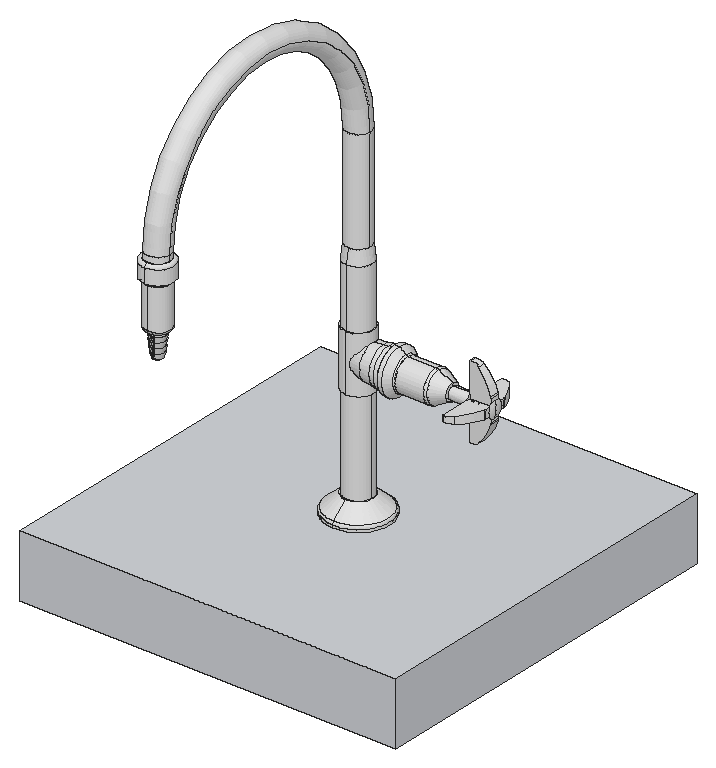
Revit family
Parameters (values of type "TL16DFJ16C")
  WELSRating_ANZRS = "5 star"
  URL = "www.galvinengineering.com.au"
  Type Comments = "TL16"
  TubeNozzleVisibility = yes
  StyleOrType_ANZRS = "Plumbing Fixture"
  Seating = "Jumper Valve"
  PlumbingMaterial_ANZRS = Metal_Taps_DR-Brass-with-Chrome-Finish_10800
  Outlet = "#16 XT Tube Nozzle"
  ModifiedIssue_ANZRS = 20120305.01  # constant formula
  Model = "TL16DFJ16C"
  Manufacturer = "Galvin Engineering"
  Keynote = "15400"
  Instructions = "http://www.galvinengineering.com.au/Installation_Guides_1.aspx"
  Inlet = "15mm Male"
  FlowRate = 0.10 L/s
  FilterObject_ANZRS = "TL16"
  Description = "Lab Set 1-Way Type 16 DPW Fixed, Jumper Valve"
  Default Elevation = 900 mm
  CreatedBy_ANZRS = "Galvin Engineering"
  CreatedByURL_ANZRS = "www.galvinengineering.com.au"
  CreatedByPhoneNo_ANZRS = "61-8-92495900"
  Circulation_ANZRS = yes
  Assembly Code = "D2010"
  AeratorVisibility = not(TubeNozzleVisibility)  # no
Types (3, lengths in mm): name | TubeNozzleVisibility | Outlet | Model | AeratorVisibility
  (no name) | yes | "#16 XT Tube Nozzle" | "TL16DFJ16C" | no
  TL16DFJ8C | no | "#8 Vandal Resistant Aerator" | "TL16DFJ8C" | yes
  TL16DFJ16C | yes | "#16 XT Tube Nozzle" | "TL16DFJ16C" | no
Reference planes
  plane 1 "Center (Front/Back)": y = 0
  plane 2 "Face": z = 0
  plane 3 "Center (Left/Right)": x = 0
Forms (mm)
  Extrusion 1, solid
    sketch origin (0, -719.2, 0) x (1, 0, 0) y (0, 1, 0)
      loop
        line (-150, 869.2) -> (-150, 569.2) -> (150, 569.2) -> (150, 869.2) -> (-150, 869.2)
    from 0 to -50
  Revolve 2, solid, material "Metal_Taps_DR-Brass-with-Chrome-Finish_10800" <- "PlumbingMaterial_ANZRS"
    sketch origin (0, 0, 0) x (0, 1, 0) y (0, 0, 1)
      loop
        arc (-24.197, 4.315) -> (-24.988, 3.281) -> (-25.27, 2.01) r 3.014
        line (-25.27, 2.01) -> (-25.27, 0) -> (0, 0) -> (0, 14.368) -> (-12.258, 14.368) -> (-24.197, 4.315)
      axis (0, 0) -> (0, 14.368)
    angle from 0 to 360
  Sweep 3, solid, material "Metal_Taps_DR-Brass-with-Chrome-Finish_10800" <- "PlumbingMaterial_ANZRS"
    path origin (0, 0, 0) x (0, 1, 0) y (0, 0, 1)
      loop
        line (-200.005, 270.975) -> (-200.005, 275.475)
        arc (-200.005, 275.475) -> (-100.003, 375.478) -> (0, 275.475) r 100.003
        line (0, 275.475) -> (0, 193.3)
    profile origin (0, 0, 234.387) x (1, 0, 0) y (0, 1, 0)
      loop
        circle (0, 0) r 9.55
  Revolve 4, solid, material "Metal_Taps_DR-Brass-with-Chrome-Finish_10800" <- "PlumbingMaterial_ANZRS"
    sketch origin (0, 0, 0) x (0, 1, 0) y (0, 0, 1)
      loop
        line (0, 89.514) -> (12, 89.514) -> (12, 134.514) -> (11.113, 134.514) -> (11.113, 181.514) -> (9.664, 193.3) -> (0, 193.3) -> (0, 89.514)
      axis (0, 89.514) -> (0, 193.3)
    angle from 0 to 360
  Extrusion 5, solid, material "Metal_Taps_DR-Brass-with-Chrome-Finish_10800" <- "PlumbingMaterial_ANZRS"
    sketch origin (0, 0, 0) x (1, 0, 0) y (0, 1, 0)
      loop
        circle (0, 0) r 11.11
    from 14.368 to 89.514
  Revolve 6, solid, material "Metal_Taps_DR-Brass-with-Chrome-Finish_10800" <- "PlumbingMaterial_ANZRS"
    sketch origin (0, 0, 0) x (1, 0, 0) y (0, 0, 1)
      loop
        line (110, 112.308) -> (0.05, 112.308) -> (0.05, 100.822) -> (12.199, 98.341)
        arc (12.199, 98.341) -> (16.271, 97.721) -> (20.385, 97.514) r 40.917
        line (20.385, 97.514) -> (24.75, 97.514) -> (24.75, 96.514) -> (28.279, 96.514)
        arc (28.279, 96.514) -> (28.697, 95.368) -> (29.5, 94.448) r 3.334
        line (29.5, 94.448) -> (33, 94.448) -> (37.554, 98.911)
        arc (37.554, 98.911) -> (38.352, 99.427) -> (39.286, 99.608) r 2.5
        line (39.286, 99.608) -> (61.985, 99.608)
        arc (61.985, 99.608) -> (63.172, 99.75) -> (64.291, 100.168) r 5.024
        line (64.291, 100.168) -> (75.206, 105.808) -> (75.206, 107.578) -> (90.436, 107.578) -> (90.436, 111.404) -> (108.836, 111.404) -> (108.836, 105.708)
        arc (108.836, 105.708) -> (109.707, 108.957) -> (110, 112.308) r 19.294
      axis (0.05, 112.308) -> (110, 112.308)
    angle from 0 to 360
  Revolve 7, solid, material "Metal_Taps_DR-Brass-with-Chrome-Finish_10800" <- "PlumbingMaterial_ANZRS"
    sketch origin (0, 0, 0) x (1, 0, 0) y (0, 0, 1)
      loop
        arc (92.106, 82.669) -> (95.664, 83.311) -> (98.686, 85.295) r 9.043
        arc (98.686, 85.295) -> (104.765, 93.033) -> (108.781, 102.016) r 40.19
        arc (108.781, 102.016) -> (108.947, 102.744) -> (109.002, 103.489) r 5.024
        line (109.002, 103.489) -> (109.002, 120.989)
        arc (109.002, 120.989) -> (108.946, 121.735) -> (108.78, 122.465) r 5.024
        arc (108.78, 122.465) -> (104.69, 131.558) -> (98.488, 139.365) r 40.19
        arc (98.488, 139.365) -> (95.532, 141.295) -> (92.062, 141.947) r 9.043
        arc (92.062, 141.947) -> (90.97, 141.52) -> (90.515, 140.44) r 1.507
        line (90.515, 140.44) -> (90.515, 84.174)
        arc (90.515, 84.174) -> (90.986, 83.079) -> (92.106, 82.669) r 1.507
      axis (66.752, 141.947) -> (66.752, 82.669)
    angle from -4.66 to 4.66
  Revolve 8, solid, material "Metal_Taps_DR-Brass-with-Chrome-Finish_10800" <- "PlumbingMaterial_ANZRS"
    sketch origin (-239.828, -110.242, 112.308) x (0, -1, 0) y (1, 0, 0)
      loop
        arc (-139.881, 331.934) -> (-139.471, 330.815) -> (-138.376, 330.343) r 1.507
        line (-138.376, 330.343) -> (-82.11, 330.343)
        arc (-82.11, 330.343) -> (-81.03, 330.799) -> (-80.603, 331.89) r 1.507
        arc (-80.603, 331.89) -> (-81.255, 335.36) -> (-83.186, 338.316) r 9.043
        arc (-83.186, 338.316) -> (-90.992, 344.519) -> (-100.085, 348.609) r 40.19
        arc (-100.085, 348.609) -> (-100.815, 348.775) -> (-101.562, 348.831) r 5.024
        line (-101.562, 348.831) -> (-119.061, 348.831)
        arc (-119.061, 348.831) -> (-119.806, 348.775) -> (-120.534, 348.61) r 5.024
        arc (-120.534, 348.61) -> (-129.517, 344.593) -> (-137.255, 338.514) r 40.19
        arc (-137.255, 338.514) -> (-139.239, 335.492) -> (-139.881, 331.934) r 9.043
      axis (-80.603, 306.581) -> (-139.881, 306.581)
    angle from -4.66 to 4.66
  Revolve 9, solid, material "Metal_Taps_DR-Brass-with-Chrome-Finish_10800" <- "PlumbingMaterial_ANZRS", visible <- "TubeNozzleVisibility"
    sketch origin (0, -49.983, -5.995) x (0, 1, 0) y (0, 0, 1)
      loop
        line (-162.699, 263.002) -> (-161.81, 263.002) -> (-160.299, 261.264)
        arc (-160.299, 261.264) -> (-160.075, 260.889) -> (-159.998, 260.459) r 1.227
        line (-159.998, 260.459) -> (-159.998, 227.7)
        arc (-159.998, 227.7) -> (-159.412, 226.286) -> (-157.998, 225.7) r 2
        line (-157.998, 225.7) -> (-155.704, 225.7) -> (-155.704, 222.2) -> (-156.504, 222.2) -> (-155.208, 217.9) -> (-156.004, 217.9) -> (-154.754, 213.6) -> (-155.554, 213.6) -> (-154.223, 209.3) -> (-155.004, 209.3) -> (-153.884, 205.446)
        arc (-153.884, 205.446) -> (-153.661, 205.124) -> (-153.29, 205) r 0.618
        line (-153.29, 205) -> (-152.499, 205) -> (-152.499, 276.502) -> (-160.187, 276.502)
        arc (-160.187, 276.502) -> (-161.963, 275.766) -> (-162.699, 273.99) r 2.512
        line (-162.699, 273.99) -> (-162.699, 263.002)
      axis (-149.999, 205) -> (-149.999, 276.502)
    angle from 0 to 360
  Revolve 10, solid, material "Metal_Taps_DR-Brass-with-Chrome-Finish_10800" <- "PlumbingMaterial_ANZRS", visible <- "AeratorVisibility"
    sketch origin (0, -49.71, -5.995) x (0, 1, 0) y (0, 0, 1)
      loop
        line (-159.685, 255.402) -> (-159.685, 272.402) -> (-150.31, 272.402) -> (-150.31, 277.002) -> (-160.51, 277.002)
        arc (-160.51, 277.002) -> (-162.278, 276.269) -> (-163.01, 274.502) r 2.5
        line (-163.01, 274.502) -> (-163.01, 272.402) -> (-161.91, 272.402) -> (-161.91, 258.902)
        arc (-161.91, 258.902) -> (-161.792, 257.12) -> (-161.31, 255.402) r 8.634
        line (-161.31, 255.402) -> (-159.685, 255.402)
      axis (-150.31, 255.402) -> (-150.31, 277.002)
    angle from 0 to 360
Cuts and joins
  joined: Revolve 4, Revolve 6
Lines and regions (mm)
  symbolic lines, style "Taps/Mixers"
    curve 1: line (-9.5, 1.6, 0) -> (-9.5, -200.248, 0)
    curve 2: line (9.5, -200.248, 0) -> (9.5, 1.6, 0)
    curve 3: arc (-9.5, -200.248, 0) -> (0, -209.748, 0) -> (9.5, -200.248, 0) r 9.5
    curve 4: arc (9.5, -23.419, 0) -> (15.603, -19.881, 0) -> (20.49, -14.794, 0) r 25.272
    curve 5: arc (-9.5, 1.6, 0) -> (0, 11.1, 0) -> (9.5, 1.6, 0) r 9.5
    curve 6: arc (33.023, 0, 0) -> (34.308, 6.344, 0) -> (33.023, 12.689, 0) r 16.296
    curve 7: arc (29.506, 12.689, 0) -> (28.22, 6.344, 0) -> (29.506, 0, 0) r 16.296
    curve 8: arc (37.562, 13.496, 0) -> (38.377, 12.952, 0) -> (39.338, 12.76, 0) r 2.512
    curve 9: arc (29.506, 17.944, 0) -> (28.233, 15.316, 0) -> (29.506, 12.689, 0) r 3.35
    curve 10: arc (33.023, 12.689, 0) -> (34.295, 15.316, 0) -> (33.023, 17.944, 0) r 3.35
    curve 11: arc (64.234, 12.2, 0) -> (63.114, 12.618, 0) -> (61.928, 12.76, 0) r 5.024
    curve 12: arc (39.338, -12.76, 0) -> (38.377, -12.952, 0) -> (37.562, -13.496, 0) r 2.512
    curve 13: arc (29.506, 0, 0) -> (28.22, -6.344, 0) -> (29.506, -12.689, 0) r 16.296
    curve 14: arc (33.023, -12.689, 0) -> (34.308, -6.344, 0) -> (33.023, 0, 0) r 16.296
    curve 15: arc (33.023, -17.944, 0) -> (34.295, -15.316, 0) -> (33.023, -12.689, 0) r 3.35
    curve 16: arc (29.506, -12.689, 0) -> (28.233, -15.316, 0) -> (29.506, -17.944, 0) r 3.35
    curve 17: arc (61.928, -12.76, 0) -> (63.114, -12.618, 0) -> (64.234, -12.2, 0) r 5.024
    curve 18: arc (108.924, -6.631, 0) -> (110.093, 0, 0) -> (108.924, 6.631, 0) r 19.386
    curve 19: arc (108.703, 10.223, 0) -> (104.686, 19.206, 0) -> (98.607, 26.944, 0) r 40.19
    curve 20: arc (98.607, 26.944, 0) -> (95.453, 28.98, 0) -> (91.743, 29.559, 0) r 9.043
    curve 21: arc (91.743, 29.559, 0) -> (90.809, 29.058, 0) -> (90.436, 28.065, 0) r 1.507
    curve 22: arc (108.924, 8.75, 0) -> (108.868, 9.495, 0) -> (108.703, 10.223, 0) r 5.024
    curve 23: arc (106.629, 3.33, 0) -> (107.766, 3.849, 0) -> (108.512, 4.853, 0) r 2.512
    curve 24: arc (108.512, 4.853, 0) -> (108.82, 5.882, 0) -> (108.924, 6.952, 0) r 5.554
    curve 25: arc (98.409, -27.126, 0) -> (104.612, -19.319, 0) -> (108.702, -10.226, 0) r 40.19
    curve 26: arc (91.983, -29.708, 0) -> (95.453, -29.056, 0) -> (98.409, -27.126, 0) r 9.043
    curve 27: arc (90.436, -28.201, 0) -> (90.892, -29.281, 0) -> (91.983, -29.708, 0) r 1.507
    curve 28: arc (108.702, -10.226, 0) -> (108.868, -9.496, 0) -> (108.924, -8.75, 0) r 5.024
    curve 29: arc (108.581, -5.031, 0) -> (107.846, -3.982, 0) -> (106.69, -3.432, 0) r 2.512
    curve 30: arc (108.924, -6.952, 0) -> (108.837, -5.976, 0) -> (108.581, -5.031, 0) r 5.554
    curve 31: line (64.234, -12.2, 0) -> (75.206, -6.531, 0)
    curve 32: line (75.206, -6.531, 0) -> (75.206, 6.531, 0)
    curve 33: line (75.206, 6.531, 0) -> (64.234, 12.2, 0)
    curve 34: line (39.338, 12.76, 0) -> (61.928, 12.76, 0)
    curve 35: line (61.928, 12.76, 0) -> (61.928, -12.76, 0)
    curve 36: line (61.928, -12.76, 0) -> (39.338, -12.76, 0)
    curve 37: line (34.279, 14.983, 0) -> (34.279, -15.649, 0)
    curve 38: line (29.506, 12.689, 0) -> (33.023, 12.689, 0)
    curve 39: line (29.506, 17.944, 0) -> (33.023, 17.944, 0)
    curve 40: line (33.023, 17.944, 0) -> (37.562, 13.496, 0)
    curve 41: line (28.25, 15.649, 0) -> (28.25, -15.794, 0)
    curve 42: line (29.506, 0, 0) -> (33.023, 0, 0)
    curve 43: line (29.506, -17.944, 0) -> (33.023, -17.944, 0)
    curve 44: line (33.023, -17.944, 0) -> (37.562, -13.496, 0)
    curve 45: line (29.506, -12.689, 0) -> (33.023, -12.689, 0)
    curve 46: line (108.924, 8.75, 0) -> (108.924, -8.75, 0)
    curve 47: line (90.436, 28.065, 0) -> (90.436, -28.201, 0)
    curve 48: line (90.436, 2.01, 0) -> (106.629, 3.33, 0)
    curve 49: line (75.206, 4.752, 0) -> (90.436, 4.752, 0)
    curve 50: line (90.436, -2.01, 0) -> (106.69, -3.432, 0)
    curve 51: line (75.206, -4.752, 0) -> (90.436, -4.752, 0)
    curve 52: line (24.75, 15.206, 0) -> (28.25, 15.206, 0)
    curve 53: line (24.75, -15.794, 0) -> (24.75, 15.206, 0)
    curve 54: line (28.25, -15.794, 0) -> (24.75, -15.794, 0)
    curve 55: line (24.75, -14.794, 0) -> (16.25, -14.794, 0)
    curve 56: line (24.75, 14.206, 0) -> (16.25, 14.206, 0)
    curve 57: arc (20.901, 14.206, 0) -> (-19.657, 15.883, 0) -> (-9.5, -23.419, 0) r 25.272
    curve 58: arc (-9.5, -6.915, 0) -> (0, 11.75, 0) -> (9.5, -6.915, 0) r 11.75
    curve 59: line (0, 11.75, 0) -> (16.25, 14.206, 0)
    curve 60: line (9.5, -13.529, 0) -> (16.25, -14.794, 0)
    curve 61: arc (0, -24.197, 4.315) -> (0, -24.988, 3.281) -> (0, -25.27, 2.01) r 3.014
    curve 62: arc (0, 25.27, 2.01) -> (0, 24.988, 3.281) -> (0, 24.197, 4.315) r 3.014
    curve 63: line (0, 11.113, 14.368) -> (0, 11.113, 89.514)
    curve 64: line (0, 12.258, 14.368) -> (0, -12.258, 14.368)
    curve 65: line (0, 25.27, 2.01) -> (0, -25.27, 2.01)
    curve 66: line (0, -25.27, 0) -> (0, -25.27, 2.01)
    curve 67: line (0, -12.258, 14.368) -> (0, -24.197, 4.315)
    curve 68: line (0, 12.258, 14.368) -> (0, 24.197, 4.315)
    curve 69: line (0, 25.27, 2.01) -> (0, 25.27, 0)
    curve 70: line (0, 25.27, 0) -> (0, -25.27, 0)
    curve 71: line (0, -9.512, 275.475) -> (0, -9.512, 193.705)
    curve 72: line (0, 9.538, 194.332) -> (0, 9.538, 275.475)
    curve 73: line (0, -11.112, 89.514) -> (0, -11.112, 14.368)
    curve 74: line (0, 3.1, 89.514) -> (0, 12, 89.514)
    curve 75: line (0, -12, 89.514) -> (0, -3.123, 89.514)
    curve 76: arc (0, -14.639, 115.948) -> (0, -7.385, 119.4) -> (0, -3.934, 126.653) r 12
    curve 77: line (0, -3.934, 126.653) -> (0, -2.539, 140.168)
    curve 78: arc (0, -2.539, 140.168) -> (0, -2.052, 141.128) -> (0, -1.047, 141.514) r 1.5
    curve 79: line (0, -1.047, 141.514) -> (0, 1.043, 141.514)
    curve 80: arc (0, 1.043, 141.514) -> (0, 2.049, 141.126) -> (0, 2.535, 140.163) r 1.5
    curve 81: line (0, 2.535, 140.163) -> (0, 3.882, 126.696)
    curve 82: arc (0, 3.882, 126.696) -> (0, 7.324, 119.418) -> (0, 14.59, 115.953) r 12
    curve 83: line (0, 14.59, 115.953) -> (0, 28.154, 114.553)
    curve 84: arc (0, 28.154, 114.553) -> (0, 29.114, 114.066) -> (0, 29.5, 113.061) r 1.5
    curve 85: line (0, 29.5, 113.061) -> (0, 29.5, 110.967)
    curve 86: arc (0, 29.5, 110.967) -> (0, 29.114, 109.963) -> (0, 28.154, 109.475) r 1.5
    curve 87: line (0, 28.154, 109.475) -> (0, 14.59, 108.075)
    curve 88: arc (0, 14.59, 108.075) -> (0, 7.324, 104.61) -> (0, 3.882, 97.333) r 12
    curve 89: line (0, 3.882, 97.333) -> (0, 2.535, 83.865)
    curve 90: arc (0, 2.535, 83.865) -> (0, 2.049, 82.902) -> (0, 1.043, 82.514) r 1.5
    curve 91: line (0, 1.043, 82.514) -> (0, -1.047, 82.514)
    curve 92: arc (0, -1.047, 82.514) -> (0, -2.052, 82.9) -> (0, -2.539, 83.86) r 1.5
    curve 93: line (0, -2.539, 83.86) -> (0, -3.934, 97.376)
    curve 94: arc (0, -3.934, 97.376) -> (0, -7.385, 104.629) -> (0, -14.639, 108.08) r 12
    curve 95: line (0, -14.639, 108.08) -> (0, -28.154, 109.475)
    curve 96: arc (0, -28.154, 109.475) -> (0, -29.114, 109.963) -> (0, -29.5, 110.967) r 1.5
    curve 97: line (0, -29.5, 110.967) -> (0, -29.5, 113.061)
    curve 98: arc (0, -29.5, 113.061) -> (0, -29.114, 114.066) -> (0, -28.154, 114.553) r 1.5
    curve 99: line (0, -28.154, 114.553) -> (0, -14.639, 115.948)
    curve 100: circle (0, -0.002, 112.014) r 6.5 normal (1, 0, 0)
    curve 121: arc (0, -9.512, 275.475) -> (0, -99.987, 365.95) -> (0, -190.462, 275.475) r 90.475
    curve 122: arc (0, 9.538, 275.475) -> (0, -99.987, 385) -> (0, -209.512, 275.475) r 109.525
    curve 123: line (0, -12, 89.514) -> (0, -12, 100.685)
    curve 124: line (0, 12, 100.694) -> (0, 12, 89.514)
    curve 125: line (0, -12, 134.514) -> (0, -12, 123.344)
    curve 126: line (0, -3.123, 134.514) -> (0, -12, 134.514)
    curve 127: line (0, 3.1, 134.514) -> (0, 12, 134.514)
    curve 128: line (0, 12, 134.514) -> (0, 12, 123.334)
    curve 129: line (0, -11.112, 181.514) -> (0, -11.112, 134.514)
    curve 130: line (0, 11.113, 181.514) -> (0, 11.113, 134.514)
    curve 131: line (0, -11.112, 181.514) -> (0, 11.113, 181.514)
    curve 132: line (0, -9.512, 193.705) -> (0, -11.112, 181.514)
    curve 133: line (0, 9.538, 194.332) -> (0, 11.113, 181.514)
    curve 134: line (0, 9.664, 193.3) -> (0, -9.566, 193.3)
    curve 136: line (0, -209.512, 275.475) -> (0, -209.512, 270.975)
    curve 137: line (0, -190.462, 275.475) -> (0, -190.462, 270.975)
    curve 138: arc (-24.082, 0, 4.295) -> (-24.868, 0, 3.27) -> (-25.15, 0, 2.01) r 3
    curve 139: arc (25.15, 0, 2) -> (24.87, 0, 3.266) -> (24.082, 0, 4.295) r 3
    curve 140: line (12.2, 0, 14.3) -> (24.082, 0, 4.295)
    curve 141: line (25.15, 0, 2.01) -> (-25.15, 0, 2.01)
    curve 142: line (-25.15, 0, 0) -> (-25.15, 0, 2)
    curve 143: line (-12.2, 0, 14.3) -> (12.2, 0, 14.3)
    curve 144: line (-12.2, 0, 14.3) -> (-24.082, 0, 4.295)
    curve 145: line (25.15, 0, 2.01) -> (25.15, 0, 0)
    curve 146: line (25.15, 0, 0) -> (-25.15, 0, 0)
    curve 147: arc (33.023, 0, 112.368) -> (34.308, 0, 118.653) -> (33.068, 0, 124.947) r 16.296
    curve 148: arc (29.46, 0, 124.947) -> (28.22, 0, 118.653) -> (29.506, 0, 112.368) r 16.296
    curve 149: arc (37.562, 0, 125.718) -> (38.377, 0, 125.173) -> (39.338, 0, 124.982) r 2.512
    curve 150: arc (29.506, 0, 130.166) -> (28.234, 0, 127.568) -> (29.46, 0, 124.947) r 3.35
    curve 151: arc (33.023, 0, 124.91) -> (34.295, 0, 127.538) -> (33.023, 0, 130.166) r 3.35
    curve 152: arc (64.33, 0, 124.422) -> (63.21, 0, 124.84) -> (62.024, 0, 124.982) r 5.024
    curve 153: arc (39.338, 0, 99.608) -> (38.377, 0, 99.417) -> (37.562, 0, 98.872) r 2.512
    curve 154: arc (29.506, 0, 112.368) -> (28.22, 0, 106.024) -> (29.506, 0, 99.68) r 16.296
    curve 155: arc (33.023, 0, 99.68) -> (34.308, 0, 106.024) -> (33.023, 0, 112.368) r 16.296
    curve 156: arc (33.023, 0, 94.424) -> (34.295, 0, 97.052) -> (33.023, 0, 99.68) r 3.35
    curve 157: arc (29.506, 0, 99.68) -> (28.233, 0, 97.052) -> (29.506, 0, 94.424) r 3.35
    curve 158: arc (62.024, 0, 99.608) -> (63.21, 0, 99.75) -> (64.33, 0, 100.168) r 5.024
    curve 159: arc (108.836, 0, 105.683) -> (110, 0, 112.283) -> (108.836, 0, 118.883) r 19.294
    curve 160: arc (108.615, 0, 122.593) -> (104.618, 0, 131.534) -> (98.568, 0, 139.235) r 40
    curve 161: arc (98.568, 0, 139.235) -> (95.56, 0, 141.21) -> (92.02, 0, 141.849) r 9
    curve 162: arc (92.02, 0, 141.849) -> (90.905, 0, 141.441) -> (90.436, 0, 140.351) r 1.5
    curve 163: arc (108.836, 0, 121.12) -> (108.781, 0, 121.865) -> (108.615, 0, 122.593) r 5.024
    curve 164: arc (106.631, 0, 115.698) -> (107.768, 0, 116.218) -> (108.514, 0, 117.221) r 2.512
    curve 165: arc (108.514, 0, 117.221) -> (108.704, 0, 117.765) -> (108.836, 0, 118.326) r 5.554
    curve 166: arc (98.322, 0, 85.243) -> (104.524, 0, 93.049) -> (108.614, 0, 102.142) r 40.19
    curve 167: arc (91.958, 0, 82.66) -> (95.394, 0, 83.324) -> (98.322, 0, 85.243) r 9.043
    curve 168: arc (90.436, 0, 84.167) -> (90.883, 0, 83.096) -> (91.958, 0, 82.66) r 1.507
    curve 169: arc (108.614, 0, 102.142) -> (108.78, 0, 102.872) -> (108.836, 0, 103.619) r 5.024
    curve 170: arc (108.583, 0, 107.337) -> (107.848, 0, 108.386) -> (106.692, 0, 108.937) r 2.512
    curve 171: arc (108.836, 0, 104.423) -> (108.905, 0, 105.897) -> (108.583, 0, 107.337) r 5.554
    curve 172: line (64.33, 0, 100.168) -> (75.206, 0, 105.788)
    curve 173: line (75.206, 0, 105.788) -> (75.206, 0, 118.802)
    curve 174: line (75.206, 0, 118.802) -> (64.33, 0, 124.422)
    curve 175: line (39.338, 0, 124.982) -> (61.991, 0, 124.982)
    curve 176: line (61.991, 0, 124.982) -> (61.991, 0, 99.608)
    curve 177: line (61.991, 0, 99.608) -> (39.338, 0, 99.608)
    curve 178: line (34.279, 0, 127.205) -> (34.279, 0, 96.719)
    curve 179: line (29.506, 0, 124.91) -> (33.023, 0, 124.91)
    curve 180: line (29.506, 0, 130.166) -> (33.023, 0, 130.166)
    curve 181: line (33.023, 0, 130.166) -> (37.562, 0, 125.718)
    curve 182: line (28.25, 0, 127.514) -> (28.25, 0, 96.514)
    curve 183: line (29.506, 0, 112.368) -> (33.023, 0, 112.368)
    curve 184: line (29.506, 0, 94.424) -> (33.023, 0, 94.424)
    curve 185: line (33.023, 0, 94.424) -> (37.562, 0, 98.872)
    curve 186: line (29.506, 0, 99.68) -> (33.023, 0, 99.68)
    curve 187: line (108.836, 0, 121.12) -> (108.836, 0, 103.619)
    curve 188: line (90.436, 0, 140.351) -> (90.436, 0, 84.167)
    curve 189: line (90.436, 0, 114.378) -> (106.631, 0, 115.698)
    curve 190: line (75.206, 0, 117.013) -> (90.436, 0, 117.013)
    curve 191: line (90.436, 0, 110.359) -> (106.692, 0, 108.937)
    curve 192: line (75.206, 0, 107.553) -> (90.436, 0, 107.553)
    curve 193: line (24.75, 0, 127.514) -> (28.25, 0, 127.514)
    curve 194: line (24.75, 0, 96.514) -> (24.75, 0, 127.514)
    curve 195: line (28.25, 0, 96.514) -> (24.75, 0, 96.514)
    curve 196: line (-11.112, 0, 89.514) -> (11.113, 0, 89.514)
    curve 197: line (11.113, 0, 14.3) -> (11.113, 0, 89.514)
    curve 198: line (-11.113, 0, 14.3) -> (-11.112, 0, 89.514)
    curve 201: line (9.538, 0, 270.975) -> (9.538, 0, 375.475)
    curve 202: arc (9.538, 0, 375.475) -> (0.013, 0, 385) -> (-9.512, 0, 375.475) r 9.525
    curve 203: line (-9.512, 0, 375.475) -> (-9.512, 0, 270.975)
    curve 204: line (-11.75, 0, 95.014) -> (13.75, 0, 95.014)
    curve 205: arc (13.75, 0, 95.014) -> (14.482, 0, 96.782) -> (16.25, 0, 97.514) r 2.5
    curve 206: arc (16.25, 0, 97.514) -> (6.884, 0, 103.082) -> (-3.698, 0, 105.678) r 36.969
    curve 207: arc (-3.698, 0, 105.678) -> (-7.332, 0, 107.962) -> (-8.75, 0, 112.014) r 6.5
    curve 208: arc (-8.75, 0, 112.014) -> (-7.332, 0, 116.066) -> (-3.698, 0, 118.351) r 6.5
    curve 209: arc (-3.698, 0, 118.351) -> (6.884, 0, 120.946) -> (16.25, 0, 126.514) r 36.969
    curve 210: arc (16.25, 0, 126.514) -> (14.482, 0, 127.246) -> (13.75, 0, 129.014) r 2.5
    curve 211: line (13.75, 0, 129.014) -> (-11.75, 0, 129.014)
    curve 212: line (-11.75, 0, 134.514) -> (-11.75, 0, 89.514)
    curve 213: line (24.75, 0, 126.514) -> (16.25, 0, 126.514)
    curve 214: line (24.75, 0, 97.514) -> (16.25, 0, 97.514)
    curve 215: line (11.75, 0, 129.014) -> (11.75, 0, 134.514)
    curve 216: line (11.75, 0, 134.514) -> (-11.75, 0, 134.514)
    curve 217: line (11.75, 0, 89.514) -> (11.75, 0, 95.014)
    curve 218: line (-11.112, 0, 181.514) -> (-11.112, 0, 134.514)
    curve 219: line (-9.512, 0, 194.536) -> (-11.112, 0, 181.514)
    curve 220: line (11.113, 0, 181.514) -> (11.113, 0, 134.514)
    curve 221: line (-11.112, 0, 181.514) -> (11.113, 0, 181.514)
    curve 222: line (9.538, 0, 194.332) -> (11.113, 0, 181.514)
    curve 223: line (9.664, 0, 193.3) -> (-9.664, 0, 193.3)
    curve 224: line (9.884, 0, 191.514) -> (-9.884, 0, 191.514)
    curve 225: arc (9.5, -191.823, 0) -> (0, -212.945, 0) -> (-9.5, -191.823, 0) r 12.698
    curve 226: arc (0, -210.194, 270.975) -> (0, -211.97, 270.239) -> (0, -212.705, 268.463) r 2.512
    curve 227: arc (0, -187.305, 268.463) -> (0, -188.041, 270.239) -> (0, -189.817, 270.975) r 2.512
    curve 228: line (0, -187.305, 266.406) -> (0, -212.705, 266.406)
    curve 229: line (0, -189.817, 270.975) -> (0, -210.194, 270.975)
    curve 230: line (0, -212.705, 268.463) -> (0, -212.705, 266.406)
    curve 231: line (0, -187.305, 266.406) -> (0, -187.305, 268.463)
    curve 267: arc (-10.2, -251.758, 270.975) -> (-11.976, -251.758, 270.239) -> (-12.712, -251.758, 268.463) r 2.512
    curve 268: arc (12.688, -251.758, 268.463) -> (11.953, -251.758, 270.239) -> (10.177, -251.758, 270.975) r 2.512
    curve 269: line (12.688, -251.758, 266.406) -> (-12.712, -251.758, 266.406)
    curve 270: line (10.177, -251.758, 270.975) -> (-10.2, -251.758, 270.975)
    curve 271: line (-12.712, -251.758, 268.463) -> (-12.712, -251.758, 266.406)
    curve 272: line (12.688, -251.758, 266.406) -> (12.688, -251.758, 268.463)
    curve 308: line (-9.512, 0, 220.519) -> (-9.512, 0, 194.536)
    curve 309: line (9.538, 0, 220.519) -> (9.538, 0, 194.332)
  symbolic lines, style "Taps/Mixers", detail levels medium+fine
    curve 101: arc (0, -4.563, 123.868) -> (0, -8.983, 120.996) -> (0, -11.857, 116.576) r 12.7
    curve 102: arc (0, 11.852, 116.566) -> (0, 8.962, 121.008) -> (0, 4.511, 123.885) r 12.7
    curve 103: arc (0, 4.511, 100.144) -> (0, 8.962, 103.02) -> (0, 11.852, 107.463) r 12.7
    curve 104: arc (0, -11.857, 107.452) -> (0, -8.983, 103.033) -> (0, -4.563, 100.161) r 12.7
    curve 105: arc (0, -3.787, 128.075) -> (0, -11.67, 123.683) -> (0, -16.064, 115.801) r 16.5
    curve 106: arc (0, 16.055, 115.802) -> (0, 11.648, 123.696) -> (0, 3.743, 128.083) r 16.5
    curve 107: arc (0, 3.743, 95.945) -> (0, 11.648, 100.332) -> (0, 16.055, 108.226) r 16.5
    curve 108: arc (0, -16.064, 108.227) -> (0, -11.67, 100.345) -> (0, -3.787, 95.954) r 16.5
    curve 109: line (0, -16.504, 108.273) -> (0, -16.504, 105.18)
    curve 110: line (0, -16.504, 105.18) -> (0, -6.839, 95.514)
    curve 111: line (0, -6.839, 95.514) -> (0, -3.742, 95.514)
    curve 112: line (0, 3.7, 95.514) -> (0, 6.83, 95.514)
    curve 113: line (0, 6.83, 95.514) -> (0, 16.496, 105.18)
    curve 114: line (0, 16.496, 105.18) -> (0, 16.496, 108.272)
    curve 115: line (0, 16.496, 115.757) -> (0, 16.496, 118.849)
    curve 116: line (0, 16.496, 118.849) -> (0, 6.83, 128.514)
    curve 117: line (0, 6.83, 128.514) -> (0, 3.7, 128.514)
    curve 118: line (0, -3.742, 128.514) -> (0, -6.839, 128.514)
    curve 119: line (0, -6.839, 128.514) -> (0, -16.504, 118.849)
    curve 120: line (0, -16.504, 118.849) -> (0, -16.504, 115.756)
    curve 135: line (0, -9.8, 191.514) -> (0, 9.884, 191.514)
  symbolic lines, style "Taps/Mixers", visible <- "AeratorVisibility"
    curve 199: line (9.538, 0, 249.406) -> (9.538, 0, 220.519)
    curve 200: line (-9.512, 0, 249.406) -> (-9.512, 0, 220.519)
    curve 260: line (0, -211.62, 252.906) -> (0, -211.62, 266.406)
    curve 261: arc (0, -211.62, 252.906) -> (0, -211.502, 251.125) -> (0, -211.02, 249.406) r 8.634
    curve 262: line (0, -211.02, 249.406) -> (0, -189.02, 249.406)
    curve 263: arc (0, -189.02, 249.406) -> (0, -188.538, 251.125) -> (0, -188.42, 252.906) r 8.634
    curve 264: line (0, -188.42, 266.406) -> (0, -188.42, 252.906)
    curve 301: line (-11.627, -251.758, 252.906) -> (-11.627, -251.758, 266.406)
    curve 302: arc (-11.627, -251.758, 252.906) -> (-11.508, -251.758, 251.125) -> (-11.027, -251.758, 249.406) r 8.634
    curve 303: line (-11.027, -251.758, 249.406) -> (10.973, -251.758, 249.406)
    curve 304: arc (10.973, -251.758, 249.406) -> (11.455, -251.758, 251.125) -> (11.573, -251.758, 252.906) r 8.634
    curve 305: line (11.573, -251.758, 266.406) -> (11.573, -251.758, 252.906)
  symbolic lines, style "Taps/Mixers", visible <- "TubeNozzleVisibility"
    curve 232: line (0, -212.705, 257.026) -> (0, -187.305, 257.026)
    curve 233: line (0, -212.705, 266.406) -> (0, -212.705, 257.026)
    curve 234: line (0, -209.985, 254.532) -> (0, -212.705, 257.026)
    curve 235: line (0, -209.985, 254.532) -> (0, -189.988, 254.532)
    curve 236: line (0, -209.985, 221.705) -> (0, -209.985, 254.532)
    curve 237: line (0, -189.988, 254.532) -> (0, -189.988, 221.705)
    curve 238: arc (0, -209.985, 221.705) -> (0, -209.4, 220.29) -> (0, -207.985, 219.705) r 2
    curve 239: line (0, -191.988, 219.705) -> (0, -207.985, 219.705)
    curve 240: arc (0, -191.988, 219.705) -> (0, -190.573, 220.29) -> (0, -189.988, 221.705) r 2
    curve 241: line (0, -205.785, 219.705) -> (0, -205.785, 216.205)
    curve 242: line (0, -193.485, 216.205) -> (0, -206.488, 216.205)
    curve 243: line (0, -206.488, 216.205) -> (0, -205.336, 211.905)
    curve 244: line (0, -193.985, 211.905) -> (0, -205.988, 211.905)
    curve 245: line (0, -205.988, 211.905) -> (0, -204.838, 207.605)
    curve 246: line (0, -194.435, 207.605) -> (0, -205.538, 207.605)
    curve 247: line (0, -205.538, 207.605) -> (0, -204.388, 203.305)
    curve 248: line (0, -194.985, 203.305) -> (0, -195.585, 203.305)
    curve 249: line (0, -204.988, 203.305) -> (0, -203.78, 199.149)
    curve 250: line (0, -196.425, 199.005) -> (0, -203.588, 199.005)
    curve 251: arc (0, -203.78, 199.149) -> (0, -203.708, 199.045) -> (0, -203.588, 199.005) r 0.2
    curve 252: line (0, -187.305, 266.406) -> (0, -187.305, 257.026)
    curve 253: line (0, -189.988, 254.532) -> (0, -187.282, 257.006)
    curve 254: line (0, -194.188, 219.705) -> (0, -194.188, 216.205)
    curve 255: line (0, -193.485, 216.205) -> (0, -194.638, 211.905)
    curve 256: line (0, -193.985, 211.905) -> (0, -195.135, 207.605)
    curve 257: line (0, -194.435, 207.605) -> (0, -195.585, 203.305)
    curve 258: line (0, -194.985, 203.305) -> (0, -196.193, 199.149)
    curve 259: arc (0, -196.193, 199.149) -> (0, -196.265, 199.045) -> (0, -196.386, 199.005) r 0.2
    curve 265: line (0, -204.182, 203.305) -> (0, -204.988, 203.305)
    curve 266: line (0, -195.585, 203.305) -> (0, -204.182, 203.305)
    curve 273: line (-12.712, -251.758, 257.026) -> (12.688, -251.758, 257.026)
    curve 274: line (-12.712, -251.758, 266.406) -> (-12.712, -251.758, 257.026)
    curve 275: line (-9.992, -251.758, 254.532) -> (-12.712, -251.758, 257.026)
    curve 276: line (-9.992, -251.758, 254.532) -> (10.006, -251.758, 254.532)
    curve 277: line (-9.992, -251.758, 221.705) -> (-9.992, -251.758, 254.532)
    curve 278: line (10.006, -251.758, 254.532) -> (10.006, -251.758, 221.705)
    curve 279: arc (-9.992, -251.758, 221.705) -> (-9.406, -251.758, 220.29) -> (-7.992, -251.758, 219.705) r 2
    curve 280: line (8.006, -251.758, 219.705) -> (-7.992, -251.758, 219.705)
    curve 281: arc (8.006, -251.758, 219.705) -> (9.42, -251.758, 220.29) -> (10.006, -251.758, 221.705) r 2
    curve 282: line (-5.792, -251.758, 219.705) -> (-5.792, -251.758, 216.205)
    curve 283: line (6.508, -251.758, 216.205) -> (-6.494, -251.758, 216.205)
    curve 284: line (-6.494, -251.758, 216.205) -> (-5.342, -251.758, 211.905)
    curve 285: line (6.008, -251.758, 211.905) -> (-5.994, -251.758, 211.905)
    curve 286: line (-5.994, -251.758, 211.905) -> (-4.844, -251.758, 207.605)
    curve 287: line (5.558, -251.758, 207.605) -> (-5.544, -251.758, 207.605)
    curve 288: line (-5.544, -251.758, 207.605) -> (-4.394, -251.758, 203.305)
    curve 289: line (5.008, -251.758, 203.305) -> (4.408, -251.758, 203.305)
    curve 290: line (-4.994, -251.758, 203.305) -> (-3.786, -251.758, 199.149)
    curve 291: line (3.568, -251.758, 199.005) -> (-3.594, -251.758, 199.005)
    curve 292: arc (-3.786, -251.758, 199.149) -> (-3.714, -251.758, 199.045) -> (-3.594, -251.758, 199.005) r 0.2
    curve 293: line (12.688, -251.758, 266.406) -> (12.688, -251.758, 257.026)
    curve 294: line (10.006, -251.758, 254.532) -> (12.712, -251.758, 257.006)
    curve 295: line (5.806, -251.758, 219.705) -> (5.806, -251.758, 216.205)
    curve 296: line (6.508, -251.758, 216.205) -> (5.356, -251.758, 211.905)
    curve 297: line (6.008, -251.758, 211.905) -> (4.858, -251.758, 207.605)
    curve 298: line (5.558, -251.758, 207.605) -> (4.408, -251.758, 203.305)
    curve 299: line (5.008, -251.758, 203.305) -> (3.8, -251.758, 199.149)
    curve 300: arc (3.8, -251.758, 199.149) -> (3.728, -251.758, 199.045) -> (3.608, -251.758, 199.005) r 0.2
    curve 306: line (-4.189, -251.758, 203.305) -> (-4.994, -251.758, 203.305)
    curve 307: line (4.408, -251.758, 203.305) -> (-4.189, -251.758, 203.305)
Dimensions and locks
  aligned and locked: plane 2 "Face" to Extrusion 1
  aligned and locked: level to Extrusion 1
Connectors
  piping at (0, 0, 0), driven by "FlowRate"
    settings: on Revolve 2, index 1, connector radius 0.29528", flow factor 0, pipe flow 0.10 L/s, pressure drop 0.00 psi, fitting loss kfactor 0, connector angle 0.00°, fixture units 0, flow configuration 1, flow direction 1, fitting loss method 0, system type 20, connector reference index -1, connector utility 0, adjustable connector no, is connector primary yes, fitting loss table "", connector description "CW"
